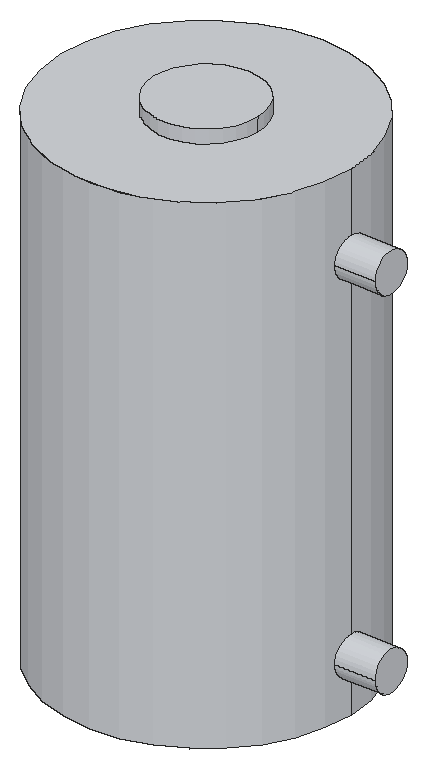
Revit family "M_Economizador", category Equipamento mecânico, Revit 2019
Family settings
  Cota do conector redondo = Usar raio
  Tipo de parte = Normal
  Número OmniClass = 23.75.65.11.17
  Título OmniClass = Heating Optimizers/Economizers
  ID de item do Seek = Economizer-0000-CAN-ENU
  Com base no plano de trabalho = Não
  Sempre na vertical = Sim
  Corte com vazios quando carregada = Não
  Compartilhado = Não
  Ponto de cálculo do ambiente = Não
Parameters (values of type "Padrão")
  Queda de pressão 1 [instance] = 7000.0 Pa
  Raio da saída 1 = Diâmetro da saída 1 / 2  # 200 mm
  Diâmetro da saída 1 = 400 mm
  Raio interno 1 = Diâmetro interno 1 / 2  # 200 mm
  Diâmetro interno 1 = 400 mm
  Fluxo 1 [instance] = 4.16 L/s
  Queda de pressão 2 [instance] = 15000.0 Pa
  Raio da saída 2 = Diâmetro da saída 2 / 2  # 75 mm
  Diâmetro da saída 2 = 150 mm
  Raio interno 2 = Diâmetro interno 2 / 2  # 75 mm
  Diâmetro interno 2 = 150 mm
  Fluxo 2 [instance] = 0.06 L/s
  Raio do economizador = Diâmetro do economizador / 2  # 559 mm
  Material do economizador = none
  Altura do economizador = 1981 mm
  Diâmetro do economizador = 1118 mm
  Distância = 1372 mm
  C3 Deslocamento 1 = 254 mm
Reference planes
  plane 1 "Centro (Frente/Trás)": y = 0
  plane 2: z = 0
  plane 3 "Centro (Esquerda/Direita)": x = 0
  plane 4: z = 1981
  plane 5: z = 50.8
  plane 6: z = 1930.2
  plane 7: z = 254
  plane 8: x = 711.2
  plane 9: z = 1626
Forms (mm)
  Extrusion 1, solid, material <- "Material do economizador"
    sketch origin (0, 0, 0) x (1, 0, 0) y (0, 1, 0)
      loop
        circle (0, 0) r 200
    from 0 to 50.8
  Extrusion 2, solid, material <- "Material do economizador"
    sketch origin (0, 0, 0) x (1, 0, 0) y (0, 1, 0)
      loop
        circle (0, 0) r 559
    from 50.8 to 1930.2
  Extrusion 3, solid, material <- "Material do economizador"
    sketch origin (0, 0, 0) x (1, 0, 0) y (0, 1, 0)
      loop
        circle (0, 0) r 200
    from 1930.2 to 1981
  Extrusion 4, solid, material <- "Material do economizador"
    sketch origin (0, 0, 0) x (0, 1, 0) y (0, 0, 1)
      loop
        circle (0, 254) r 75
    from 0 to 711.2
  Extrusion 5, solid, material <- "Material do economizador"
    sketch origin (0, 0, 0) x (0, 1, 0) y (0, 0, 1)
      loop
        circle (0, 1626) r 75
    from 0 to 711.2
Cuts and joins
  joined: Extrusion 1, Extrusion 2, Extrusion 3, Extrusion 4, Extrusion 5
Dimensions and locks
  "Altura do economizador": plane 4 to plane 2
  locked: plane 4 to plane 6 at 50.8
  locked: plane 5 to plane 2 at 50.8
  "C3 Deslocamento 1": plane 7 to plane 2
  locked: plane 8 to plane 3 "Centro (Esquerda/Direita)" at 711.2
  "Distância": plane 9 to plane 7
  "Raio interno 1": radius of Extrusion 1 sketch curve
  "Raio do economizador": radius of Extrusion 2 sketch curve
  "Raio da saída 1": radius of Extrusion 3 sketch curve
  "Raio interno 2": radius of Extrusion 4 sketch curve
  "Raio da saída 2": radius of Extrusion 5 sketch curve
  aligned and locked: plane 3 "Centro (Esquerda/Direita)" to Extrusion 1 sketch curve
  aligned and locked: plane 1 "Centro (Frente/Trás)" to Extrusion 1 sketch curve
  aligned and locked: Extrusion 1 to plane 2
  aligned and locked: plane 5 to Extrusion 1
  aligned and locked: plane 3 "Centro (Esquerda/Direita)" to Extrusion 2 sketch curve
  aligned and locked: plane 1 "Centro (Frente/Trás)" to Extrusion 2 sketch curve
  aligned and locked: Extrusion 2 to plane 5
  aligned and locked: plane 6 to Extrusion 2
  aligned and locked: plane 3 "Centro (Esquerda/Direita)" to Extrusion 3 sketch curve
  aligned and locked: plane 1 "Centro (Frente/Trás)" to Extrusion 3 sketch curve
  aligned and locked: plane 6 to Extrusion 3
  aligned and locked: plane 4 to Extrusion 3
  aligned and locked: plane 1 "Centro (Frente/Trás)" to Extrusion 4 sketch curve
  aligned and locked: plane 7 to Extrusion 4 sketch curve
  aligned and locked: plane 8 to Extrusion 4
  aligned and locked: Extrusion 4 to plane 3 "Centro (Esquerda/Direita)"
  aligned and locked: plane 1 "Centro (Frente/Trás)" to Extrusion 5 sketch curve
  aligned and locked: plane 9 to Extrusion 5 sketch curve
  aligned and locked: Extrusion 4 to Extrusion 5
  aligned and locked: Extrusion 5 to plane 3 "Centro (Esquerda/Direita)"
Connectors
  piping at (0, 0, 1981), diameter 400, driven by "Fluxo 1", driven by "Raio interno 1"
    settings: on cut or joined group of Extrusion 1, Extrusion 2, Extrusion 3, Extrusion 4, Extrusion 5, index 1, connector inside diameter 400 mm, connector length 0 mm, flow factor 0, pipe flow 4.16 L/s, pressure drop 0.0 Pa, fitting loss kfactor 0, connector angle 0.00°, fixture units 0, engagement length 0 mm, angle of deflection 0.00°, flow configuration 0, flow direction 0, fitting loss method 4, system type 29, joint type 0, gender type 0, connector reference index -1, connector utility 0, adjustable connector no, is connector primary yes, connector description "Entrada de fluido 1"
  piping at (0, 0, 0), diameter 400, driven by "Fluxo 1", driven by "Raio da saída 1", driven by "Queda de pressão 1"
    settings: on cut or joined group of Extrusion 1, Extrusion 2, Extrusion 3, Extrusion 4, Extrusion 5, index 2, connector inside diameter 400 mm, connector length 0 mm, flow factor 0, pipe flow 4.16 L/s, pressure drop 7000.0 Pa, fitting loss kfactor 0, connector angle 0.00°, fixture units 0, engagement length 0 mm, angle of deflection 0.00°, flow configuration 0, flow direction 0, fitting loss method 4, system type 29, joint type 0, gender type 0, connector reference index -1, connector utility 0, adjustable connector no, is connector primary no, connector description "Saída de fluido 1"
  piping at (711.2, 0, 254), diameter 150, driven by "Fluxo 2", driven by "Raio da saída 2", driven by "Queda de pressão 2"
    settings: on cut or joined group of Extrusion 1, Extrusion 2, Extrusion 3, Extrusion 4, Extrusion 5, index 3, connector inside diameter 150 mm, connector length 0 mm, flow factor 0, pipe flow 0.06 L/s, pressure drop 15000.0 Pa, fitting loss kfactor 0, connector angle 0.00°, fixture units 0, engagement length 0 mm, angle of deflection 0.00°, flow configuration 0, flow direction 0, fitting loss method 4, system type 29, joint type 0, gender type 0, connector reference index -1, connector utility 0, adjustable connector no, is connector primary no, connector description "Saída de fluido  2"
  piping at (711.2, 0, 1626), diameter 150, driven by "Fluxo 2", driven by "Raio interno 2"
    settings: on cut or joined group of Extrusion 1, Extrusion 2, Extrusion 3, Extrusion 4, Extrusion 5, index 4, connector inside diameter 150 mm, connector length 0 mm, flow factor 0, pipe flow 0.06 L/s, pressure drop 0.0 Pa, fitting loss kfactor 0, connector angle 0.00°, fixture units 0, engagement length 0 mm, angle of deflection 0.00°, flow configuration 0, flow direction 0, fitting loss method 4, system type 29, joint type 0, gender type 0, connector reference index -1, connector utility 0, adjustable connector no, is connector primary no, connector description "Entrada de fluido 2"
